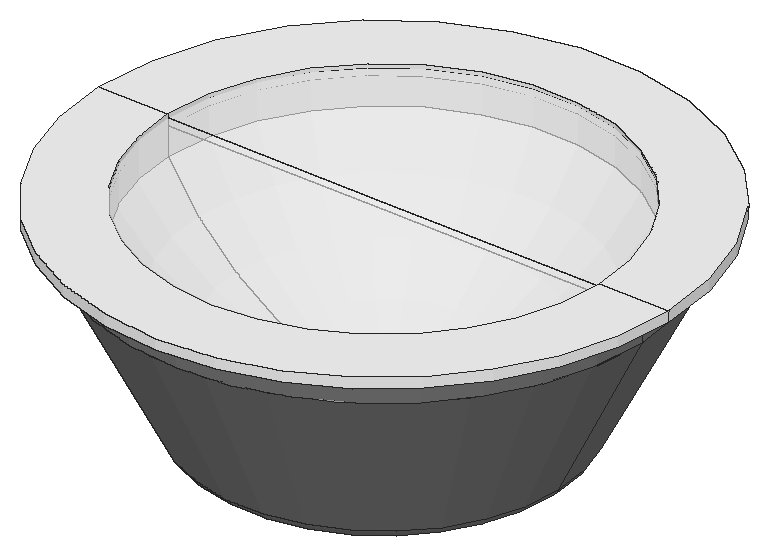
Revit family "30549", category Lighting Fixtures, host Face, Revit 2018
Family settings
  Host = Face
  Round Connector Dimension = Use Diameter
  Part Type = Normal
  OmniClass Number = 23.80.70.00
  OmniClass Title = Lighting
  Cut with Voids When Loaded = No
  Light Source = Yes
  Shared = No
  Room Calculation Point = No
Parameters (values of type "0030549 INSAVER SL IP44 225 MULTI770-2500 840")
  WidthBezel_SYL = if(Size1_SYL, 20 mm, if(Size2_SYL, 20 mm, if(Size3PIR_SYL, 30 mm, if(Size4_SYL, 20 mm, 20 mm))))  # 20 mm
  Weight = "n/a"
  Wattage Comments = ""
  Wattage = 12 W
  WarrantyStartDate [instance] = "n/a"
  WarrantyGuarantorParts = "n/a"
  WarrantyDurationUnit = "n/a"
  WarrantyDurationParts = ""
  WarrantyDescription = "http://www.sylvania-lighting.com"
  built-in parameter 1150110 = 1 (stored number, unit not read)
  Voltage = 230 V
  VisibilityPIR_SYL = Size3PIR_SYL  # no
  URL = "0.9"
  TypeName = "Insaver Slim IP44 225 Multi770-2500 840"
  Type Image = <None>
  Type Comments = "n/a"
  built-in parameter 1114217 = 1 (stored number, unit not read)
  Tilt Angle = -90.00°
  built-in parameter 1150109 = 1 (stored number, unit not read)
  built-in parameter 1150134 = (empty or 0)
  built-in parameter 1150113 = 1 (stored number, unit not read)
  Size4_SYL = no
  Size3PIR_SYL = no
  Size2_SYL = no
  Size1_SYL = yes
  SerialNumber [instance] = "n/a"
  RadiusTop_SYL = 6 mm
  RadiusReflector_SYL = if(Size1_SYL, 85 mm, if(Size2_SYL, 85 mm, if(Size3PIR_SYL, 85 mm, if(Size4_SYL, 100 mm, 120 mm))))  # 85 mm
  Photometric Web File = "0030549.IES"
  Material_3_FEILO = Top-Sylvania-STARTDownlight
  PowerFactor = 0.9
  PowerConsumption = "Lighting"
  NominalLength = 165 mm
  NominalHeight = 50 mm
  NominalDepth = 165 mm
  Name = "Insaver Slim IP44 225 Multi770-2500 840"
  ModelReference = Name  # "Insaver Slim IP44 225 Multi770-2500 840"
  ModelNumber = "0030549"
  Model = Name  # "Insaver Slim IP44 225 Multi770-2500 840"
  Material = "Feilo Sylvania"
  ManufacturerName = "132 lm/W"
  Manufacturer = ""
  LuminousEfficacy = ""
  built-in parameter 1150105 = 31.446 (stored number, unit not read)
  Lumens = 395.16 lm
  LuminaireType = "0"
  built-in parameter 1150115 = 1 (stored number, unit not read)
  LightOutputRatio = "LED"
  built-in parameter 1150137 = (empty or 0)
  built-in parameter 1150139 = (empty or 0)
  LampsType = Lamp  # "n/a"
  LampNominalLuminous = "4000 K"
  LampMacAdamStep = "80"
  LampColourTemperature = "LED"
  LampColourRenderingIndex = "16500"
  built-in parameter 1150112 = 1 (stored number, unit not read)
  built-in parameter 1150114 = 1 (stored number, unit not read)
  Lamp = "n/a"
  Keynote = "n/a"
  InstallationDate [instance] = "n/a"
  InputVoltage = "0"
  InputNominalFrequency = "4000"
  built-in parameter 1150132 = (empty or 0)
  built-in parameter 1150102 = (empty or 0)
  built-in parameter 1150107 = 3000 (stored number, unit not read)
  built-in parameter 1150138 = (empty or 0)
  IngressProtection = "IfcLightFixtureType"
  ImpactProtectionIndex = "IfcLightFixtureType"
  built-in parameter 1150106 = 0.31446 (stored number, unit not read)
  IfcExportType = "IfcLightFixtureType"
  IfcExportAs = "Class II"
  Height_SYL = if(Size1_SYL, 61 mm, if(Size2_SYL, 61 mm, if(Size3PIR_SYL, 61 mm, if(Size4_SYL, 61 mm, 60 mm))))  # 61 mm
  HeightBezel_SYL = if(Size1_SYL, 3 mm, if(Size2_SYL, 3 mm, if(Size3PIR_SYL, 3 mm, if(Size4_SYL, 3.2 mm, 3 mm))))  # 3 mm
  ExpectedLife = 50000
  Emit from Circle Diameter = Diameter_SYL - 40 mm  # 125 mm
  Emit Shape Visible in Rendering = no
  ElectricShockClassification = "132"
  built-in parameter 1150104 = 3.0593 (stored number, unit not read)
  DurationUnit = "hours"
  DocumentationLiterature = "http://www.sylvania-lighting.com/product/en-int/products/0030549"
  DimmingControlOptions = "n/a"
  Material_2_FEILO = Diffuser-Sylvania-STARTDownlight
  Dimming Lamp Color Temperature Shift = <None>
  Diameter_SYL = if(Size1_SYL, 165 mm, if(Size2_SYL, 190 mm, if(Size3PIR_SYL, 211 mm, if(Size4_SYL, 220 mm, 240 mm))))  # 165 mm
  DiameterTop_SYL = if(Size1_SYL, 98 mm, if(Size2_SYL, 122 mm, if(Size3PIR_SYL, 120 mm, if(Size4_SYL, 135 mm, 158 mm))))  # 98 mm
  DiameterTopBase_SYL = DiameterRecess_SYL  # 150 mm
  DiameterRecess_SYL = if(Size1_SYL, 150 mm, if(Size2_SYL, 170 mm, if(Size3PIR_SYL, 186 mm, if(Size4_SYL, 200 mm, 225 mm))))  # 150 mm
  Description = "Insaver Slim is a ceiling recessed LED downlight (IP44 from the front),Die-cast aluminium body, loop in loop out connector for quick installation, Non dimmable LED driver,  4000K; UGR <19 with shallow product depth 60mm. The range features a multipower functionality where the luminous flux of the luminaire can be tailored to local needs by only setting a quick selector switch on the driver. 8 steps available with adjustable lumen output of 770 – 2500lm  at 4000K.  Meets TP(a) requirements."
  Default Elevation = 1219.2 mm
  CreatedOn = "05/03/2024"
  CreatedBy = "@sylvania-lighting.com"
  Cost = 0
  Color Filter = 16777215
  built-in parameter 1114216 [instance] = (empty or 0)
  ClassificationValue = "EF_70_80"
  ClassificationName = "Uniclass2015"
  Material_1_FEILO = Trim-Sylvania-STARTDownlight-White
  BarCode [instance] = "n/a"
  built-in parameter 1114218 = 1 (stored number, unit not read)
  built-in parameter 1150133 = 10 (stored number, unit not read)
  AssetType = "Fixed"
  AssetIdentifier [instance] = "n/a"
  Assembly Code = "D5020200"
  Apparent Load = 19 VA
  Material_4_FEILO = LED-Sylvania-STARTDownlight
Reference planes
  plane 1 "Center (Front/Back)": y = 0
  plane 2: z = 0
  plane 3 "Center (Left/Right)": x = 0
  plane 4: x = 82.5
  plane 5: x = -82.5
  plane 6: z = 3
  plane 7: z = -8
  plane 8: z = -58
  plane 9: x = -75
  plane 10: x = 75
  plane 11: x = -49
  plane 12: x = 49
  plane 13: z = -85
  plane 14: x = -62.5
  plane 15: z = 2
  plane 16: z = -46
  plane 17: x = -16
  plane 18: x = -67.5
  plane 19: x = -81.5
  plane 20: x = -99.5
  plane 21: x = -76.5
  plane 22: z = 5.5
  plane 23: z = 8.7
  plane 24: x = -75.5
  plane 25: z = 13.7
Forms (mm)
  Revolve 1, void
    sketch origin (0, 0, 0) x (1, 0, 0) y (0, 0, 1)
      loop
        line (0, 0) -> (-75, 0) -> (-75, -85) -> (0, -85) -> (0, 0)
      axis (0, 0) -> (0, -85)
    angle from 360 to 0
  Revolve 2, solid, material "Trim-Sylvania-STARTDownlight-White" <- "Material_1_FEILO"
    sketch origin (0, 0, 0) x (1, 0, 0) y (0, 0, 1)
      loop
        line (-62.5, 3) -> (-82.5, 3) -> (-82.5, 0) -> (-75, 0) -> (-75, -8) -> (-50.681, -54.768)
        arc (-50.681, -54.768) -> (-48.471, -57.129) -> (-45.357, -58) r 6
        line (-45.357, -58) -> (0, -58) -> (0, -46) -> (-16, -46)
        arc (-16, -46) -> (-42.718, -31.243) -> (-62.5, -8) r 85
        line (-62.5, -8) -> (-62.5, 3)
      axis (0, 3) -> (0, -58)
    angle from 360 to 0
  Revolve 3, solid, material "Diffuser-Sylvania-STARTDownlight" <- "Material_2_FEILO"
    sketch origin (0, 0, 0) x (1, 0, 0) y (0, 0, 1)
      loop
        line (-62.5, 0) -> (0, 0) -> (0, 2) -> (-62.5, 2) -> (-62.5, 0)
      axis (0, 2) -> (0, 0)
    angle from 360 to 0
  Revolve 4, solid, material "Trim-Sylvania-STARTDownlight-White" <- "Material_1_FEILO", visible <- "VisibilityPIR_SYL"
    sketch origin (0, 0, 0) x (1, 0, 0) y (0, 0, 1)
      loop
        line (-67.5, 3) -> (-67.5, 13.7)
        arc (-67.5, 13.7) -> (-72.217, 12.347) -> (-75.5, 8.7) r 8.9
        line (-75.5, 8.7) -> (-75.5, 5.5) -> (-76.5, 5.5) -> (-76.5, 3) -> (-67.5, 3)
      axis (-67.5, 13.7) -> (-67.5, 3)
    angle from 360 to 0
Dimensions and locks
  equal spacing: plane 4, plane 3 "Center (Left/Right)", plane 5
  "Diameter_SYL": plane 4 to plane 5
  equal spacing: plane 10, plane 3 "Center (Left/Right)", plane 9
  equal spacing: plane 12, plane 3 "Center (Left/Right)", plane 11
  "DiameterTop_SYL": plane 12 to plane 11
  "HeightBezel_SYL": plane 6 to plane 2
  "Height_SYL": plane 6 to plane 8
  locked: plane 2 to plane 7 at 8
  locked: plane 2 to plane 13 at 85
  "WidthBezel_SYL": plane 14 to plane 5
  locked: plane 6 to plane 15 at 1
  "DiameterRecess_SYL": plane 10 to plane 9
  locked: plane 3 "Center (Left/Right)" to plane 17 at 16
  locked: plane 16 to plane 8 at 12
  locked: plane 18 to plane 21 at 9
  locked: plane 22 to plane 6 at 2.5
  locked: plane 23 to plane 22 at 3.2
  locked: plane 18 to plane 24 at 8
  locked: plane 25 to plane 23 at 5
  locked: plane 25 to Revolve 4 sketch curve at 8.9
  locked: plane 18 to plane 5 at 15
  "RadiusReflector_SYL": radius of Revolve 2 sketch curve
  "RadiusTop_SYL": radius of Revolve 2 sketch curve
  aligned and locked: plane 2 to host face
  aligned and locked: level to host face
  aligned and locked: Revolve 1 sketch curve to plane 3 "Center (Left/Right)"
  aligned and locked: plane 3 "Center (Left/Right)" to Revolve 1 sketch curve
  aligned and locked: Revolve 1 sketch curve to plane 9
  aligned and locked: plane 13 to Revolve 1 sketch curve
  aligned and locked: plane 3 "Center (Left/Right)" to imposter light
  aligned and locked: imposter light to plane 15
  aligned and locked: imposter light to plane 1 "Center (Front/Back)"
  aligned and locked: Revolve 2 sketch curve to plane 3 "Center (Left/Right)"
  aligned and locked: Revolve 2 sketch curve to plane 6
  aligned and locked: Revolve 2 sketch curve to plane 5
  aligned and locked: Revolve 2 sketch curve to level
  aligned and locked: plane 7 to Revolve 2 sketch curve  (x2)
  aligned and locked: Revolve 2 sketch curve to plane 9
  aligned and locked: plane 8 to Revolve 2 sketch curve
  aligned and locked: Revolve 2 sketch curve to plane 14
  aligned and locked: plane 3 "Center (Left/Right)" to Revolve 2 sketch curve
  aligned and locked: Revolve 2 sketch curve to plane 16
  aligned and locked: Revolve 3 sketch curve to plane 3 "Center (Left/Right)"
  aligned and locked: Revolve 3 sketch curve to level
  aligned and locked: imposter light to Revolve 3 sketch curve  (x2)
  aligned and locked: Revolve 4 sketch curve to plane 18  (x2)
  aligned and locked: Revolve 4 sketch curve to plane 6
  aligned and locked: plane 22 to Revolve 4 sketch curve
  aligned and locked: plane 24 to Revolve 4 sketch curve
  aligned and locked: Revolve 4 sketch curve to Revolve 4 sketch curve
  aligned and locked: plane 21 to Revolve 4 sketch curve
Automatic sketch dimensions
  host sketch curve to host sketch curve = 2438.4 mm  (x2)
  plane 13 to Revolve 1 sketch curve = 524.6 mm
  Revolve 1 sketch curve to plane 6 = 2606.058 mm
  Revolve 1 sketch curve to level = 0 mm
  Revolve 2 sketch curve to plane 17 = 0 mm
  Revolve 2 sketch curve to plane 11 = 1.681 mm
  plane 11 to Revolve 2 sketch curve = 3.643 mm
  plane 13 to Revolve 2 sketch curve = 524.6 mm
  Revolve 2 sketch curve to Revolve 2 sketch curve = 2577.983 mm
  Revolve 3 sketch curve to plane 14 = 0 mm
  plane 13 to Revolve 3 sketch curve = 524.6 mm
  Revolve 3 sketch curve to plane 6 = 2606.058 mm
  Revolve 4 sketch curve to plane 23 = 0 mm
  plane 13 to Revolve 4 sketch curve = 524.6 mm
  Revolve 4 sketch curve to Revolve 4 sketch curve = 2595.358 mm
Connectors
  electrical at (0, 0, 0), driven by "Apparent Load", driven by "PowerFactor", driven by "Voltage"
    settings: index 1, voltage 230 V, apparent load 19 VA, apparent load phase1 0 VA, apparent load phase2 0 VA, apparent load phase3 0 VA, power factor 0.9, load classification "Lighting", number of poles 1, system type 30, power factor state 1, is connector primary yes, connector utility no, sub classification motor no, connector description ""
